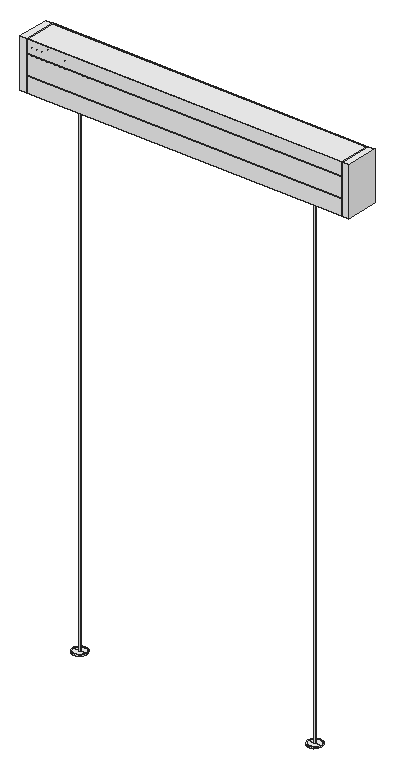
Revit family "2.3 inch  MAGIC WALL WASH LINEAR LIGHT", category Lighting Fixtures, host Face, Revit 2020 (continued)
Types (17): name | Wattage Comments | Wattage | Wall Mount | Suspenders Distance | Surface Mount | Recessed Mount | Photometric Web File | Pendent Mount | Order number | built-in parameter 1150142 | Model | built-in parameter 1150105 | Lumens | Light Source Height | Light Source Distance | built-in parameter 1150106 | Fixture Length
       2.67     2.64     2.60     2.56     \r\n 2.53     2.50     2.47     2.44     2.43     2.43     2.43     2.44     2.46     2.49     \r\n 2.51     2.54     2.57     2.59     2.62     2.65     2.68     2.72     2.75     2.79     \r\n 2.82     2.85     2.88     2.91     2.94     2.97     3.00     3.04     3.07     3.10     \r\n 3.13     3.16     3.20     3.23     3.26     3.30     3.34     3.38     3.41     3.44     \r\n 3.47     3.51     3.54     3.57     3.61     3.64     3.68     3.71     3.74     3.78     \r\n 3.81     3.85     3.90     3.94     3.97     3.99     4.04     4.09     4.14     4.20     \r\n 4.26     \r\n1793.11  1804.85  1816.57  1827.46  1838.14  1848.39  1858.34  1868.02  1877.27  1886.40  \r\n 1894.97  1903.55  1912.02  1920.49  1928.66  1936.73  1944.39  1951.71  1958.67  1964.85  \r\n 1971.03  1977.54  1984.06  1989.84  1995.53  2001.29  2007.08  2012.13  2016.36  2020.83  \r\n 2026.08  2031.31  2035.08  2038.83  2042.24  2045.59  2048.82  2051.95  2054.95  2057.74  \r\n 2060.43  2062.60  2064.75  2066.76  2068.74  2070.10  2071.16  2071.74  2071.58  2071.46  \r\n 2071.71  2071.99  2071.84  2071.63  2070.55  2069.06  2067.37  2065.35  2063.17  2060.15  \r\n 2057.15  2054.01  2050.82  2047.22  2043.35  2038.01  2028.71  2019.24  2009.37  1999.23  \r\n 1987.52  1975.04  1961.87  1947.76  1932.96  1916.96  1900.38  1883.12  1865.29  1845.95  \r\n 1825.04  1803.47  1780.71  1757.39  1732.76  1707.35  1680.94  1653.31  1625.06  1596.78  \r\n 1568.02  1539.55  1511.00  1481.99  1452.64  1422.99  1392.69  1362.02  1331.00  1299.64  \r\n 1268.03  1236.05  1203.81  1171.14  1138.05  1104.76  1071.68  1038.57  1008.04  981.54   \r\n 955.36   929.15   903.22   877.81   853.26   829.08   805.46   782.28   759.39   737.21   \r\n 715.38   694.00   673.27   652.77   632.81   613.45   594.23   575.23   556.43   537.77   \r\n 519.55   501.65   483.91   466.19   448.62   433.71   419.88   406.52   393.54   381.02   \r\n 369.02   357.37   346.06   335.54   325.36   315.49   306.06   297.17   288.42   279.80   \r\n 271.27   262.82   254.48   245.83   236.67   227.46   218.37   209.42   200.59   191.89   \r\n 183.28   174.76   166.33   157.98   149.71   141.52   133.42   125.40   118.17   111.02   \r\n 103.88   96.77    89.67    82.58    75.50    68.43    61.37    54.31    47.26    40.20    \r\n 33.14    31.05    28.95    26.86    24.77    22.68    20.60    18.53    16.48    14.44    \r\n 12.41    10.40    8.42     6.62     6.76     6.90     7.04     7.18     7.32     7.46     \r\n 7.60     7.74     7.89     8.03     8.18     8.32     8.47     8.61     8.75     8.87     \r\n 9.00     9.12     9.23     9.35     9.46     9.56     9.66     9.76     9.85     9.94     \r\n 10.03    10.11    10.18    10.25    10.30    10.36    10.37    10.17    9.98     9.79     \r\n 9.59     9.40     9.20     9.00     8.80     8.61     8.42     8.22     8.02     7.82     \r\n 7.63     7.43     7.24     7.05     6.86     6.67     6.49     6.31     6.13     5.95     \r\n 5.78     5.61     5.44     5.29     5.16     5.03     4.89     4.75     4.63     4.51     \r\n 4.40     4.29     4.19     4.10     4.01     3.93     3.84     3.76     3.68     3.60     \r\n 3.53     3.46     3.40     3.32     3.25     3.19     3.13     3.08     3.03     2.97     \r\n 2.92     2.87     2.82     2.77     2.71     2.64     2.56     2.52     2.48     2.45     \r\n 2.43     2.41     2.41     2.42     2.40     2.39     2.39     2.40     2.40     2.39     \r\n 2.39     2.39     2.38     2.39     2.39     2.39     2.40     2.41     2.41     2.42     \r\n 2.45     2.47     2.50     2.53     2.56     2.58     2.61     2.64     2.68     2.71     \r\n 2.75     2.78     2.81     2.85     2.88     2.91     2.95     2.98     3.01     3.05     \r\n 3.08     3.11     3.15     3.18     3.22     3.25     3.29     3.33     3.37     3.40     \r\n 3.44     3.47     3.51     3.54     3.58     3.61     3.65     3.69     3.72     3.76     \r\n 3.79     3.83     3.88     3.93     3.96     3.99     4.02     4.08     4.13     4.20     \r\n 4.26     \r\n1793.11  1805.57  1818.02  1829.52  1840.88  1851.69  1862.30  1872.46  1882.34  1891.86  \r\n 1901.02  1910.16  1919.24  1928.22  1936.90  1945.50  1953.38  1961.26  1968.08  1974.83  \r\n 1981.79  1988.81  1995.30  2001.55  2007.82  2014.11  2019.73  2024.46  2029.42  2035.00  \r\n 2040.40  2044.65  2048.86  2052.53  2056.21  2059.81  2063.39  2066.74  2070.01  2072.88  \r\n 2075.50  2078.02  2080.44  2082.47  2083.71  2084.81  2085.06  2085.30  2085.74  2086.19  \r\n 2086.46  2086.67  2085.76  2084.40  2082.81  2081.02  2078.78  2075.84  2072.94  2070.13  \r\n 2067.25  2063.55  2059.84  2054.14  2048.20  2042.40  2036.64  2030.08  2022.79  2015.40  \r\n 2007.89  2000.26  1991.94  1983.67  1975.12  1966.59  1956.33  1940.50  1922.83  1904.28  \r\n 1884.91  1864.39  1843.27  1820.98  1798.11  1773.91  1749.20  1724.80  1700.31  1674.79  \r\n 1648.18  1621.17  1593.41  1565.38  1536.51  1507.36  1477.83  1447.98  1417.52  1386.26  \r\n 1354.72  1322.24  1289.70  1256.74  1223.61  1189.75  1155.15  1120.61  1086.21  1051.97  \r\n 1017.54  983.40   949.78   916.76   884.18   853.11   822.66   793.70   766.02   740.71   \r\n 719.99   699.41   679.21   659.27   639.30   618.62   598.17   578.10   558.37   538.91   \r\n 519.94   501.28   483.25   466.04   449.15   433.36   418.42   403.98   390.10   376.71   \r\n 363.85   351.98   340.63   330.86   321.12   311.51   302.04   292.95   283.95   275.01   \r\n 266.14   257.39   248.77   240.27   231.86   223.57   215.40   207.36   199.23   190.82   \r\n 182.53   174.36   166.31   158.37   150.54   142.82   135.20   127.68   120.26   112.93   \r\n 105.72   98.60    91.51    84.45    77.42    70.41    63.41    56.43    49.46    42.49    \r\n 35.52    32.74    29.97    27.20    24.44    21.69    18.95    16.24    13.54    10.88    \r\n 8.24     7.07     7.20     7.33     7.47     7.60     7.73     7.86     8.00     8.13     \r\n 8.27     8.40     8.53     8.69     8.85     9.01     9.17     9.32     9.47     9.61     \r\n 9.75     9.89     10.03    10.16    10.29    10.42    10.55    10.67    10.72    10.56    \r\n 10.40    10.24    10.07    9.90     9.73     9.55     9.37     9.19     9.01     8.83     \r\n 8.64     8.45     8.26     8.06     7.86     7.67     7.48     7.29     7.10     6.90     \r\n 6.72     6.53     6.32     6.12     5.92     5.73     5.55     5.38     5.21     5.04     \r\n 4.89     4.74     4.60     4.47     4.34     4.21     4.09     3.98     3.88     3.78     \r\n 3.69     3.59     3.50     3.41     3.33     3.26     3.19     3.12     3.07     3.01     \r\n 2.96     2.90     2.85     2.79     2.75     2.70     2.66     2.61     2.56     2.52     \r\n 2.48     2.45     2.41     2.38     2.35     2.33     2.31     2.29     2.25     2.20     \r\n 2.19     2.18     2.19     2.20     2.22     2.25     2.28     2.29     2.30     2.32     \r\n 2.33     2.33     2.33     2.33     2.34     2.34     2.35     2.36     2.37     2.39     \r\n 2.40     2.41     2.44     2.47     2.50     2.53     2.56     2.59     2.62     2.65     \r\n 2.69     2.73     2.76     2.79     2.83     2.86     2.90     2.93     2.96     3.00     \r\n 3.04     3.07     3.10     3.14     3.18     3.21     3.25     3.29     3.33     3.38     \r\n 3.41     3.44     3.48     3.52     3.55     3.59     3.63     3.67     3.71     3.74     \r\n 3.78     3.82     3.86     3.91     3.95     3.98     4.01     4.07     4.13     4.19     \r\n 4.26     \r\n1793.11  1806.20  1819.28  1831.32  1843.28  1854.58  1865.77  1876.37  1886.80  1896.69  \r\n 1906.36  1916.01  1925.62  1935.01  1944.23  1953.02  1961.39  1969.31  1976.62  1983.97  \r\n 1991.43  1998.70  2005.45  2012.20  2018.95  2025.49  2030.67  2035.89  2041.75  2047.64  \r\n 2052.35  2057.03  2061.05  2065.02  2069.03  2073.04  2076.83  2080.56  2083.81  2086.85  \r\n 2089.77  2092.60  2094.66  2096.07  2097.16  2097.82  2098.45  2099.08  2099.72  2100.36  \r\n 2100.62  2099.39  2098.14  2096.59  2095.02  2092.17  2089.33  2086.89  2084.46  2081.12  \r\n 2077.61  2072.17  2066.08  2060.28  2054.61  2048.24  2041.28  2033.99  2026.34  2018.32  \r\n 2009.60  2000.86  1991.94  1982.75  1971.70  1960.63  1948.93  1937.20  1924.43  1911.56  \r\n 1898.04  1884.37  1869.71  1854.58  1839.90  1825.60  1810.41  1794.00  1777.32  1760.09  \r\n 1742.70  1724.48  1706.14  1679.24  1652.14  1623.48  1594.47  1563.68  1532.23  1500.43  \r\n 1468.36  1435.17  1400.47  1365.58  1330.07  1294.53  1256.53  1218.86  1181.75  1145.02  \r\n 1108.34  1071.98  1036.63  1002.41  968.66   935.11   902.26   870.20   838.92   807.45   \r\n 776.48   746.41   717.28   689.21   662.58   636.77   613.01   590.12   568.21   547.05   \r\n 526.51   506.76   487.72   470.09   453.05   436.73   421.14   405.99   391.65   377.80   \r\n 364.49   351.70   339.38   327.71   316.54   305.90   295.86   286.30   277.16   268.40   \r\n 260.07   252.11   242.84   233.77   224.88   216.20   207.72   199.50   191.51   183.74   \r\n 176.18   168.83   161.65   154.63   147.06   139.70   132.50   125.46   118.58   111.84   \r\n 105.25   98.80    92.47    85.54    78.63    71.76    64.93    58.12    51.34    44.58    \r\n 37.81    33.93    30.06    26.19    22.35    18.54    14.77    11.05    7.64     7.75     \r\n 7.86     7.97     8.09     8.20     8.32     8.44     8.56     8.67     8.86     9.04     \r\n 9.21     9.40     9.58     9.75     9.92     10.09    10.25    10.41    10.57    10.72    \r\n 10.60    10.47    10.33    10.20    10.07    9.94     9.80     9.66     9.52     9.37     \r\n 9.22     9.07     8.92     8.76     8.60     8.43     8.26     8.09     7.91     7.64     \r\n 7.35     7.07     6.81     6.55     6.31     6.08     5.85     5.63     5.42     5.22     \r\n 5.03     4.84     4.67     4.51     4.35     4.20     4.06     3.93     3.80     3.68     \r\n 3.56     3.46     3.35     3.25     3.16     3.07     2.98     2.89     2.81     2.74     \r\n 2.67     2.61     2.55     2.50     2.45     2.40     2.35     2.31     2.27     2.28     \r\n 2.28     2.28     2.29     2.29     2.28     2.27     2.27     2.26     2.26     2.26     \r\n 2.25     2.23     2.22     2.20     2.19     2.18     2.18     2.18     2.17     2.16     \r\n 2.14     2.11     2.10     2.10     2.11     2.12     2.15     2.18     2.20     2.22     \r\n 2.23     2.25     2.26     2.27     2.28     2.28     2.29     2.31     2.33     2.34     \r\n 2.36     2.38     2.40     2.42     2.45     2.49     2.52     2.55     2.58     2.61     \r\n 2.65     2.68     2.72     2.76     2.79     2.82     2.86     2.90     2.93     2.96     \r\n 3.00     3.04     3.07     3.10     3.14     3.18     3.22     3.26     3.30     3.35     \r\n 3.39     3.42     3.46     3.50     3.53     3.57     3.61     3.65     3.69     3.73     \r\n 3.76     3.80     3.85     3.90     3.95     3.98     4.01     4.07     4.12     4.19     \r\n 4.26     \r\n1793.11  1806.73  1820.34  1832.84  1845.32  1857.05  1868.74  1879.72  1890.63  1900.84  \r\n 1910.95  1921.05  1931.14  1940.90  1950.58  1959.57  1968.37  1976.42  1984.20  1992.03  \r\n 1999.88  2007.30  2014.50  2021.67  2028.83  2035.01  2040.60  2046.49  2052.61  2058.16  \r\n 2063.25  2067.89  2072.11  2076.43  2080.83  2085.12  2089.27  2093.11  2096.56  2099.91  \r\n 2103.13  2105.74  2107.29  2108.70  2109.77  2110.75  2111.55  2112.41  2113.46  2114.05  \r\n 2112.96  2111.85  2110.56  2109.08  2106.35  2103.70  2101.70  2099.61  2096.34  2093.02  \r\n 2086.84  2080.68  2075.14  2069.63  2063.15  2056.59  2049.02  2041.32  2032.49  2023.47  \r\n 2014.32  2005.16  1994.48  1983.30  1971.84  1960.24  1947.78  1934.87  1921.27  1907.25  \r\n 1892.51  1877.21  1861.98  1846.87  1831.19  1814.76  1797.78  1779.97  1761.92  1743.35  \r\n 1724.55  1705.19  1685.66  1665.38  1644.69  1621.80  1598.86  1575.51  1552.09  1526.29  \r\n 1500.38  1473.07  1445.57  1414.73  1383.21  1351.74  1320.10  1287.12  1253.42  1219.81  \r\n 1186.17  1151.55  1116.04  1080.11  1043.66  1004.05  963.83   924.23   885.33   847.32   \r\n 811.88   777.04   745.68   714.87   687.20   660.34   634.77   609.90   586.26   563.58   \r\n 541.44   519.94   499.08   479.35   459.94   441.08   422.56   405.05   387.95   371.50   \r\n 355.55   340.26   325.75   311.65   298.55   285.74   273.26   261.63   251.65   242.69   \r\n 233.98   225.82   217.90   210.37   203.15   196.19   189.62   183.25   177.07   171.07   \r\n 165.25   157.96   150.24   142.82   135.72   128.93   122.47   116.39   110.67   104.84   \r\n 98.84    93.11    87.62    82.36    77.32    71.87    65.29    58.79    52.35    45.95    \r\n 39.57    34.32    29.06    23.79    18.51    13.21    10.97    10.30    9.74     9.30     \r\n 9.04     8.88     8.95     9.15     9.35     9.55     9.75     9.95     10.15    10.34    \r\n 10.45    10.34    10.24    10.13    10.02    9.91     9.79     9.68     9.56     9.44     \r\n 9.32     9.19     9.06     8.93     8.66     8.27     7.90     7.54     7.20     6.88     \r\n 6.56     6.26     5.97     5.70     5.44     5.18     4.94     4.71     4.49     4.28     \r\n 4.08     3.89     3.71     3.54     3.37     3.22     3.08     2.94     2.81     2.69     \r\n 2.57     2.47     2.36     2.27     2.18     2.10     2.03     2.05     2.06     2.07     \r\n 2.09     2.10     2.12     2.14     2.15     2.16     2.18     2.19     2.19     2.20     \r\n 2.21     2.22     2.22     2.23     2.24     2.25     2.26     2.27     2.28     2.25     \r\n 2.21     2.19     2.17     2.16     2.15     2.13     2.12     2.11     2.10     2.10     \r\n 2.09     2.09     2.08     2.07     2.05     2.03     2.02     2.01     2.02     2.02     \r\n 2.03     2.03     2.02     2.01     2.02     2.02     2.04     2.06     2.09     2.12     \r\n 2.14     2.15     2.18     2.20     2.21     2.23     2.24     2.25     2.27     2.30     \r\n 2.32     2.34     2.36     2.39     2.42     2.45     2.49     2.52     2.55     2.58     \r\n 2.62     2.65     2.69     2.73     2.76     2.79     2.83     2.87     2.90     2.93     \r\n 2.97     3.01     3.05     3.08     3.12     3.16     3.20     3.24     3.28     3.33     \r\n 3.37     3.40     3.44     3.48     3.52     3.56     3.60     3.64     3.68     3.72     \r\n 3.75     3.80     3.84     3.89     3.94     3.97     4.00     4.06     4.12     4.19     \r\n 4.26     \r\n1793.11  1807.15  1821.19  1834.08  1846.97  1859.08  1871.17  1882.48  1893.79  1904.29  \r\n 1914.77  1925.25  1935.72  1945.82  1955.90  1965.10  1974.26  1982.54  1990.75  1998.93  \r\n 2007.11  2014.75  2022.35  2029.86  2037.36  2043.47  2049.43  2055.69  2061.99  2067.55  \r\n 2073.01  2077.58  2082.03  2086.75  2091.50  2096.07  2100.60  2104.53  2108.34  2111.95  \r\n 2115.52  2117.50  2119.19  2120.70  2122.16  2123.20  2124.17  2125.53  2126.97  2126.50  \r\n 2125.57  2124.57  2123.55  2121.31  2118.73  2116.94  2115.36  2112.69  2109.68  2104.26  \r\n 2098.07  2092.53  2087.22  2081.36  2075.28  2068.05  2060.38  2051.58  2042.33  2033.02  \r\n 2023.70  2013.09  2001.92  1990.64  1979.31  1967.00  1954.20  1940.48  1926.28  1911.38  \r\n 1896.09  1880.52  1864.79  1848.78  1832.57  1815.21  1797.09  1778.66  1760.01  1740.62  \r\n 1720.69  1700.67  1680.54  1658.98  1636.21  1613.27  1590.17  1566.41  1541.97  1516.83  \r\n 1490.97  1463.80  1435.16  1406.68  1378.42  1349.47  1319.68  1289.85  1260.01  1229.41  \r\n 1197.73  1166.08  1134.56  1102.50  1069.61  1036.45  1003.00  969.80   937.54   905.56   \r\n 874.75   844.39   815.90   787.47   759.55   731.90   705.68   679.50   653.73   628.04   \r\n 603.44   578.87   554.63   530.37   507.38   484.38   461.78   439.22   418.04   397.00   \r\n 376.93   357.09   337.83   318.77   300.23   285.44   271.32   257.70   244.75   232.41   \r\n 220.63   209.54   198.96   189.11   179.68   170.99   162.67   155.33   148.31   141.67   \r\n 135.43   129.63   124.00   118.35   111.90   105.72   100.34   95.14    90.21    85.59    \r\n 81.26    76.19    71.56    67.46    63.93    60.73    58.08    56.01    51.62    46.10    \r\n 40.67    35.58    30.42    24.96    19.28    13.88    9.78     9.37     9.41     9.52     \r\n 9.67     9.54     9.43     9.33     9.23     9.14     9.06     9.00     8.50     7.94     \r\n 7.39     6.85     6.34     5.86     5.40     4.96     4.54     4.16     3.79     3.44     \r\n 
